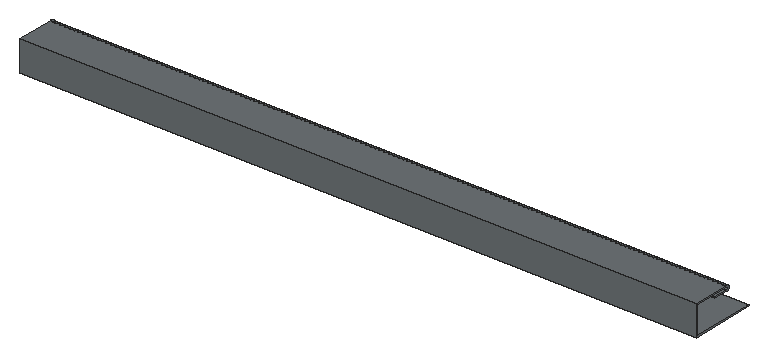
Revit family "BIMLIB_ПланкаПОбразнаяБлокХаусЭкобрус_GRANDLINE", category Обобщенные модели, Revit 2017
Family settings
  Может служить основой для арматурных стержней = Нет
  Размер круглого соединителя = Использовать диаметр
  Тип детали = Нормальный
  При загрузке вырезать с полостями = Нет
  Общий = Нет
  Точка расчета площади = Нет
Parameters (values of type "Планка П-образная")
  Смещение от плоскости [instance] = 0 mm
  Описание = ADSK_Наименование  # "П-образная планка Экобрус/Блок хаус"
  Изготовитель = "Grand Line"  # constant formula
  built-in parameter 1001306 [instance] = 500 mm
  Watermark [instance] = "Модели защищены уникальным кодом"
  URL = "https://www.grandline.ru"
  BL_Разработано = "support@bimlib.pro"
  BL_Email = "info@grandline.ru"
  BL_BIM library = "https://bimlib.pro/manufacturer/company/22430"
  ADSK_Размер_Длина [instance] = [built-in parameter 1001306]  # 500 mm
  ADSK_Обозначение = "ГОСТ 19904-90, ГОСТ 14918-80"
  ADSK_Наименование = "П-образная планка Экобрус/Блок хаус"
  ADSK_Материал тип подсчета = 1  # constant formula
  ADSK_Материал = GL_Drap_RAL7016
  ADSK_Масса_Текст [instance] = ""
  ADSK_Масса [instance] = 0
  ADSK_Марка = ""
  ADSK_Количество [instance] = if(ADSK_Материал тип подсчета = 0, 1, if(ADSK_Материал тип подсчета = 1, ADSK_Размер_Длина / 1000 mm, 0))  # 0.5
  ADSK_Код изделия = "M012.043.02"  # constant formula
  ADSK_Завод-изготовитель = "Grand Line"  # constant formula
  ADSK_Единица измерения = "м"  # constant formula
  ADSK_Группирование = "Доборные элементы"  # constant formula
  ADSK_Версия Revit = "2017"  # constant formula
  ADSK_URL страницы изделия = "https://www.grandline.ru/planka-p-obraznaya-blok-khaus-gl-0-45-pe-foil-ral-8017-63004.html"
  ADSK_URL документации изделия = "https://www.grandline.ru/uploads/files/chertezhi_vse/dobornye_elementy/de_saiyding_blok_haus/P_obraznaia_Blok_haus_GL.jpg"
Reference planes
  plane 1 "По центру (Вперед/Назад)": y = 0
  plane 2: z = 0
  plane 3 "Слева": x = 0
  plane 4 "Справа": x = 500
Forms (mm)
  Sweep 1, solid, material "GL_Drap_RAL7016" <- "ADSK_Материал"
    path in 3D
      loop
        line (0, 0, 0) -> (500, 0, 0)
    profile "Профиль_ПланкаПОбразнаяБлокХаусЭкобрус : Профиль" origin (250, 0, 0) x (0, 1, 0) y (0, 0, 1)
      loop
        line (0, 0) -> (48, 0) -> (48, 0.8) -> (0.8, 0.8) -> (0.8, 21.2) -> (28.25, 21.2)
        arc (28.25, 21.2) -> (29.2, 20.25) -> (28.25, 19.3) r 0.95
        line (28.25, 19.3) -> (17, 19.3) -> (17, 18.5) -> (28.25, 18.5)
        arc (28.25, 18.5) -> (30, 20.25) -> (28.25, 22) r 1.75
        line (28.25, 22) -> (0, 22) -> (0, 0)
Lines and regions (mm)
  reference lines
    curve 1: line (0, 0, 0) -> (500, 0, 0)
  sketch lines
    curve 2: line (0, 0, 0) -> (500, 0, 0)
Dimensions and locks
  "built-in parameter 1001306": plane 3 "Слева" to plane 4 "Справа"
  aligned and locked: plane 4 "Справа" to curve 1
  aligned and locked: plane 1 "По центру (Вперед/Назад)" to curve 1
  aligned and locked: plane 3 "Слева" to curve 1
  aligned and locked: level to plane 2
